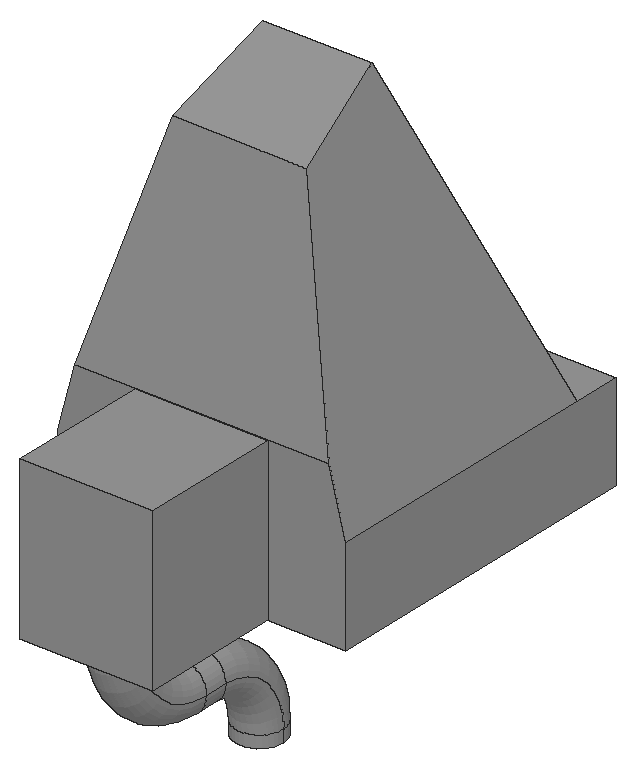
Revit family "Urinal-Willoughby-UW-1412-BJ-TS", category Plumbing Fixtures, Revit 2015
Parameters (values of type "Standard")
  Waste DIA = 2"
  Waste Connection = yes
  Vent Connection = no
  URL = "https://www.willoughby-ind.com/wp-content/uploads/2018/01/UW-1412-BJ.pdf"
  Type Comments = ""
  Revision = "A"
  Model = "UW-1412-BJ-TS"
  Manufacturer = "Willoughby Industries"
  HW Connection = no
  Flush Inlet DIA = 1 1/2"
  Flush Inlet Connection = yes
  Fixture Body = Stainless Steel AISI 304-Willoughby
  Description = "Rear Mounted Blow Jet Urinal, Top Spud"
  Default Elevation = 1' - 2"
  Contact Info. = "(800) 428-4065"
  CW Connection = no
Reference planes (in)
  plane 1 "Center (Front/Back)": y = 0
  plane 2: z = 0
  plane 3 "Center (Left/Right)": x = 0
Forms (in)
  Extrusion 1, solid, material "Stainless Steel AISI 304-Willoughby" <- "Fixture Body"
    sketch origin (0, 0, 0) x (1, 0, 0) y (0, 0, 1)
      loop
        line (-6, 4) -> (-6, 0) -> (6, 0) -> (6, 4) -> (-6, 4)
    from -14 to 0
  Extrusion 2, solid, material "Stainless Steel AISI 304-Willoughby" <- "Fixture Body"
    sketch origin (0, 0, -0.06446) x (0, 1, 0) y (0, 0, 1)
      loop
        line (0, 4.06446) -> (11.97238, 4.06446) -> (6, 18) -> (2, 16) -> (0, 6.75) -> (0, 4.06446)
    from -6 to 6
  Extrusion 3, void, detail levels fine
    sketch origin (0, 0, 0) x (1, 0, 0) y (0, 0, 1)
      loop
        line (2.25, 17.93554) -> (6, 4) -> (8.25, 4) -> (8.25, 17.93554) -> (2.25, 17.93554)
    from 0 to -14
  Extrusion 4, void, detail levels fine
    sketch origin (0, 0, 0) x (-1, 0, 0) y (0, 0, -1)
      loop
        line (2.25, -17.93554) -> (8.25, -17.93554) -> (8.25, -4) -> (6, -4) -> (2.25, -17.93554)
    from 0 to -14
  Extrusion 5, void, detail levels fine
    sketch origin (0, 0, 0) x (1, 0, 0) y (0, 0, 1)
      loop
        line (1.77095, 17.31054) -> (-1.77095, 17.31054) -> (-5.35277, 4) -> (5.35277, 4) -> (1.77095, 17.31054)
    from -5.08704 to -12.29395
  Extrusion 6, void, detail levels fine
    sketch origin (0, 0, 0) x (1, 0, 0) y (0, 0, 1)
      loop
        line (5.35277, 4) -> (-5.35277, 4) -> (-5.35277, 1) -> (5.35277, 1) -> (5.35277, 4)
    from -5.08704 to -12.29395
  Extrusion 7, solid, material "Stainless Steel AISI 304-Willoughby" <- "Fixture Body"
    sketch origin (0, 0, 0) x (0, 1, 0) y (0, 0, 1)
      loop
        line (0, 6.68554) -> (-6, 6.68554) -> (-6, 0) -> (0, 0) -> (0, 6.68554)
    from -2.75 to 2.75
  Sweep 8, solid, material "Stainless Steel AISI 304-Willoughby" <- "Fixture Body"
    path origin (0, 5.25, 0) x (0, 1, 0) y (0, 0, 1)
      loop
        arc (-9.7427, 0.27404) -> (-8.64365, -2.05351) -> (-6.25, -3) r 3.5
        line (-6.25, -3) -> (-5.25, -3)
        arc (-5.25, -3) -> (-3.12868, -3.87868) -> (-2.25, -6) r 3
        line (-2.25, -6) -> (-2.25, -6.5)
    profile origin (0, 3, -6.25) x (1, 0, 0) y (0, 1, 0)
      loop
        circle (0, 0) r 1
  Extrusion 9, solid, material "Stainless Steel AISI 304-Willoughby" <- "Fixture Body"
    sketch origin (0, 14.44537, -10.05463) x (1, 0, 0) y (0, 0, 1)
      loop
        circle (0, 12.75) r 0.75
    from -0.25 to 0.44537
Cuts and joins
  Extrusion 3, Extrusion 4, Extrusion 5, Extrusion 6 cuts Extrusion 1
  Extrusion 3, Extrusion 4, Extrusion 5, Extrusion 6 cuts Extrusion 2
  joined: Extrusion 1, Extrusion 2
Lines and regions (in)
  symbolic lines
    curve 1: line (6, 0, 0) -> (-6, 0, 0)
    curve 2: line (-6, 0, 0) -> (-6, 14, 0)
    curve 3: line (-6, 14, 0) -> (6, 14, 0)
    curve 4: line (6, 14, 0) -> (6, 0, 0)
    curve 5: line (-5.27733, 0, 0) -> (-2.78819, 2, 0)
    curve 6: line (-2.78819, 2, 0) -> (2.78819, 2, 0)
    curve 7: line (2.78819, 2, 0) -> (5.27733, 0, 0)
    curve 8: line (-6, 11.97238, 0) -> (-2.25, 6, 0)
    curve 9: line (-2.25, 6, 0) -> (-2.78819, 2, 0)
    curve 10: line (-2.25, 6, 0) -> (2.25, 6, 0)
    curve 11: line (2.25, 6, 0) -> (2.78819, 2, 0)
    curve 12: line (2.25, 6, 0) -> (6, 11.97238, 0)
    curve 19: line (2.75, 0, 0) -> (2.75, -6, 0)
    curve 20: line (2.75, -6, 0) -> (-2.75, -6, 0)
    curve 21: line (-2.75, -6, 0) -> (-2.75, 0, 0)
    curve 22: line (-6, 0, 0) -> (6, 0, 0)
    curve 23: line (6, 0, 0) -> (6, 0, 4)
    curve 24: line (6, 0, 4) -> (2.25, 0, 17.93554)
    curve 25: line (2.25, 0, 17.93554) -> (-2.25, 0, 17.93554)
    curve 26: line (-2.25, 0, 17.93554) -> (-6, 0, 4)
    curve 27: line (-6, 0, 4) -> (-6, 0, 0)
    curve 32: line (0, -6, 0) -> (0, 14, 0)
    curve 33: line (0, 14, 0) -> (0, 14, 4)
    curve 34: line (0, 14, 4) -> (0, 0, 4)
    curve 35: line (0, 11.97238, 4) -> (0, 6, 17.93554)
    curve 36: line (0, 6, 17.93554) -> (0, 2, 15.93554)
    curve 37: line (0, 2, 15.93554) -> (0, 0, 6.68554)
    curve 38: line (0, 0, 6.68554) -> (0, 0, 0)
    curve 39: line (0, 0, 6.68554) -> (0, -6, 6.68554)
    curve 40: line (0, -6, 6.68554) -> (0, -6, 0)
  symbolic lines, detail levels fine
    curve 13: line (1.77095, 6.26786, 0) -> (-1.77095, 6.26786, 0)
    curve 14: line (-1.77095, 6.26786, 0) -> (-5.35277, 11.97238, 0)
    curve 15: line (-5.35277, 11.97238, 0) -> (-5.35277, 12.29395, 0)
    curve 16: line (-5.35277, 12.29395, 0) -> (5.35277, 12.29395, 0)
    curve 17: line (5.35277, 12.29395, 0) -> (5.35277, 11.97238, 0)
    curve 18: line (5.35277, 11.97238, 0) -> (1.77095, 6.26786, 0)
    curve 29: line (5.35277, 0, 4) -> (1.77095, 0, 17.31054)
    curve 30: line (1.77095, 0, 17.31054) -> (-1.77095, 0, 17.31054)
    curve 31: line (-1.77095, 0, 17.31054) -> (-5.35277, 0, 4)
  symbolic lines, detail levels medium+fine
    curve 28: line (6, 0, 4) -> (-6, 0, 4)
Dimensions and locks (in)
  aligned and locked: Sweep 8 to Sweep 8
  aligned and locked: cut or joined group of Extrusion 1, Extrusion 2, Extrusion 3, Extrusion 4, Extrusion 5, Extrusion 6 to cut or joined group of Extrusion 1, Extrusion 2, Extrusion 3, Extrusion 4, Extrusion 5, Extrusion 6
  aligned and locked: Extrusion 7 to cut or joined group of Extrusion 1, Extrusion 2, Extrusion 3, Extrusion 4, Extrusion 5, Extrusion 6
Connectors (in)
  piping at (0, 3, -6.5), diameter 2, driven by "Waste Connection", driven by "Waste DIA"
    settings: on Sweep 8, index 1, connector inside diameter 2", connector length 0' - 0", flow factor 0, pipe flow 0 GPM, pressure drop 0.00 psi, fitting loss kfactor 0, connector angle 0.00°, fixture units 0, engagement length 0' - 0", angle of deflection 0.00°, flow configuration 0, flow direction 2, fitting loss method 0, system type 16, joint type 0, gender type 0, connector reference index -1, connector utility 1, adjustable connector yes, is connector primary yes, connector description "Urinal Waste"
  piping at (0, 14.69537, 2.69537), diameter 1.5, driven by "Flush Inlet Connection", driven by "Flush Inlet DIA"
    settings: on Extrusion 9, index 2, connector inside diameter 1 1/2", connector length 0' - 0", flow factor 0, pipe flow 0 GPM, pressure drop 0.00 psi, fitting loss kfactor 0, connector angle 0.00°, fixture units 0, engagement length 0' - 0", angle of deflection 0.00°, flow configuration 0, flow direction 1, fitting loss method 0, system type 20, joint type 0, gender type 0, connector reference index -1, connector utility 1, adjustable connector no, is connector primary no, connector description "Flush Inlet"
